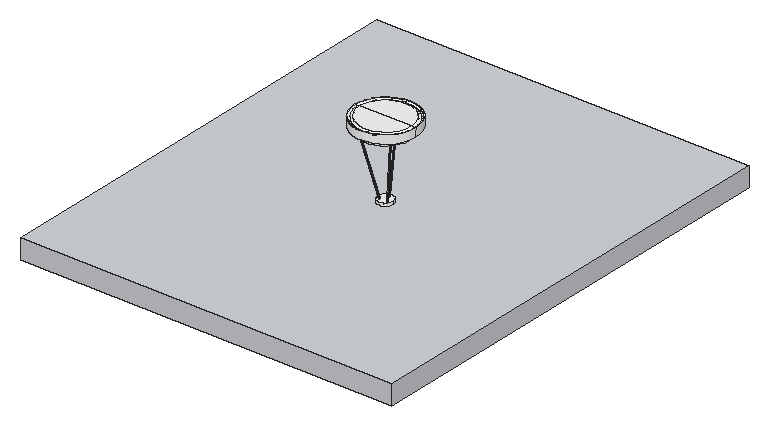
Revit family "Zumtobel ONDARIA 2", category Leuchten, Revit 2016
Family settings
  Basisbauteil = Fläche
  Teiletyp = Normal
  Bemaßung runder Anschluss = Durchmesser verwenden
  OmniClass-Nummer = 23.80.70.11
  OmniClass-Titel = Luminaries for Internal Lighting
  Beim Laden mit Abzugskörper schneiden = Nein
  Lichtquelle = Ja
  Gemeinsam genutzt = Nein
  Raumberechnungspunkt = Nein
Parameters (values of type "ONDARIA 2 D870 LED")
  Width = 400.00 mm
  Wattage = 47.394 W
  built-in parameter 1150110 = 1 (stored number, unit not read)
  Voltage = 230 V
  URL = "http://www.zumtobel.com/42183392"
  Typenkommentare = "© Zumtobel. We reserve the right to make technical changes without prior notice."  # constant formula
  built-in parameter 1114217 = 1 (stored number, unit not read)
  Tilt Angle = 90.00°
  built-in parameter 1150109 = 1 (stored number, unit not read)
  built-in parameter 1150134 = 12
  Suspension Value [instance] = if(Suspension, Suspension Height - 84.50 mm, 0.00 mm)  # 415.50 mm
  Suspension Material [instance] = Zumtobel_Metal_White
  Suspension Height [instance] = 500.00 mm
  Suspension [instance] = yes
  Radius = Width / 2  # 200.00 mm
  Length = Width  # 400.00 mm
  Von Kreisdurchmesser aussenden = Width - 59.70 mm  # 340.30 mm
  Cover [instance] = Zumtobel_PMMA_Self_llumination_Opaque
  built-in parameter 1150113 = 1 (stored number, unit not read)
  Datei für fotometrisches Netz = "D35145AA_ONDA2_D870_LED7000-840.IES"
  Modell = "42183392"
  Hersteller = "Zumtobel Lighting"  # constant formula
  built-in parameter 1150105 = 2306.3 (stored number, unit not read)
  Lumens = 7040 lm
  built-in parameter 1150115 = 1 (stored number, unit not read)
  built-in parameter 1150137 = (empty or 0)
  built-in parameter 1150139 = (empty or 0)
  built-in parameter 1150112 = 1 (stored number, unit not read)
  built-in parameter 1150114 = 1 (stored number, unit not read)
  Lampe = "LED"  # constant formula
  built-in parameter 1150132 = 2
  built-in parameter 1150102 = (empty or 0)
  built-in parameter 1150107 = 4000 (stored number, unit not read)
  built-in parameter 1150138 = (empty or 0)
  built-in parameter 1150106 = 23.063 (stored number, unit not read)
  Height = 84.50 mm  # constant formula
  Emissionsform beim Rendern sichtbar = yes
  built-in parameter 1150104 = 13.8 (stored number, unit not read)
  Farbtemperaturverschiebung bei Dämpfen der Lampe = <Keine Auswahl>
  Beschreibung = "Circular LED luminaire"  # constant formula
  Color Filter = 16777215
  Body [instance] = Zumtobel_Metal_White
  built-in parameter 1114218 = 1 (stored number, unit not read)
  Back Radius = 160.00 mm
  Back Distance Offset B = 90.00 mm
  Back Distance A = 210.00 mm
  Back Distance B = 180.00 mm
  built-in parameter 1150133 = 10 (stored number, unit not read)
  Apparent Load = 65 VA
  Default Elevation = 0.00 mm
  Baugruppenkennzeichen = "D5020200"
Types (4, lengths in mm): name | Width | Wattage | URL | Suspension Value | Suspension Height | Radius | Length | Von Kreisdurchmesser aussenden | Datei für fotometrisches Netz | Modell | built-in parameter 1150105 | Lumens | built-in parameter 1150106 | Back Radius | Back Distance Offset B | Back Distance A | Back Distance B | Apparent Load
  ONDARIA 2 D1150 LED | 1150.00 | 47.394 W | "http://www.zumtobel.com/42183392" | 915.50 | 1000.00 | 575.00 | 1150.00 | 1090.30 | "D35145AA_ONDA2_D870_LED7000-840.IES" | "42183392" | 2306.3 (stored number, unit not read) | 7040 lm | 23.063 (stored number, unit not read) | 260.00 | 115.00 | 398.40 | 345.00 | 65 VA
  ONDARIA 2 D590 LED | 590.00 | 19.7924 W | "http://www.zumtobel.com/42183391" | 415.50 | 500.00 | 295.00 | 590.00 | 530.30 | "D35145AA_ONDA2_D590_LED2900-840.IES" | "42183391" | 963.14 (stored number, unit not read) | 2940 lm | 9.6314 (stored number, unit not read) | 210.00 | 90.00 | 311.80 | 270.00 | 28 VA
  ONDARIA 2 D870 LED | 400.00 | 47.394 W | "http://www.zumtobel.com/42183392" | 415.50 | 500.00 | 200.00 | 400.00 | 340.30 | "D35145AA_ONDA2_D870_LED7000-840.IES" | "42183392" | 2306.3 (stored number, unit not read) | 7040 lm | 23.063 (stored number, unit not read) | 160.00 | 90.00 | 210.00 | 180.00 | 65 VA
  ONDARIA 2 D400 LED | 400.00 | 17.7862 W | "http://www.zumtobel.com/42186627" | 415.50 | 500.00 | 200.00 | 400.00 | 340.30 | "42186627_(STD_LEO).IES" | "42186627" | 210.24 (stored number, unit not read) | 2642 lm | 2.1024 (stored number, unit not read) | 210.00 | 90.00 | 311.80 | 270.00 | 19.5 VA
Reference planes
  plane 1 "Top": z = 0
  plane 2 "Center (Left/Right)": x = 0
  plane 3 "Center (Front/Back)": y = -11.001
  plane 4 "Bottom": z = 500
  plane 5: z = 447
  plane 6 "Back Cover": z = 415.5
  plane 7: x = -200
  plane 8: x = -160
  plane 9 "A Left": x = -105
  plane 10 "A Right": x = 105
  plane 11 "B Back": y = 78.999
  plane 12 "B Front": y = -101.001
Forms (mm)
  Extrusion 1, solid
    sketch origin (0, 0, 0) x (1, 0, 0) y (0, 1, 0)
      loop
        line (-1219.2, 1439.2) -> (-1219.2, -1480.8) -> (1219.2, -1480.8) -> (1219.2, 1439.2) -> (-1219.2, 1439.2)
    from 0 to -127.877
  Revolve 2, solid, material "Zumtobel_Metal_White" <- "Body", detail levels medium+fine
    sketch origin (0, -11.001, 0) x (-1, 0, 0) y (0, 0, 1)
      loop
        line (200, 500) -> (196.5, 500) -> (185.131, 494.25) -> (170.152, 500) -> (0, 500) -> (0, 415.5) -> (160, 415.5) -> (160, 447) -> (200, 447) -> (200, 500)
      axis (0, 500) -> (0, 415.5)
    angle from 0 to 360
  Extrusion 3, solid, material "Zumtobel_Metal_White" <- "Suspension Material", detail levels medium+fine
    sketch origin (0, 0, 0) x (1, 0, 0) y (0, 1, 0)
      loop
        circle (0, -11.001) r 50
    from 0 to 15
  Blend 4, solid, material "Zumtobel_Metal_White" <- "Suspension Material", visible <- "Suspension", detail levels medium+fine
    base sketch origin (0, 0, 0) x (1, 0, 0) y (0, 1, 0)
      loop
        circle (-105, -101.001) r 2.5
    top sketch origin (0, 0, 0) x (1, 0, 0) y (0, 1, 0)
      loop
        circle (-25.989, -26.001) r 2.5
    from 415.5 to 15
  Blend 5, solid, material "Zumtobel_Metal_White" <- "Suspension Material", visible <- "Suspension", detail levels medium+fine
    base sketch origin (0, 0, 0) x (-1, 0, 0) y (0, -1, 0)
      loop
        circle (-105, 101.001) r 2.5
    top sketch origin (0, 0, 0) x (-1, 0, 0) y (0, -1, 0)
      loop
        circle (-25.989, 26.001) r 2.5
    from 415.5 to 15
  Blend 6, solid, material "Zumtobel_Metal_White" <- "Suspension Material", visible <- "Suspension", detail levels medium+fine
    base sketch origin (0, -22.001, 0) x (1, 0, 0) y (0, 1, 0)
      loop
        circle (0, 101.001) r 2.5
    top sketch origin (0, -22.001, 0) x (1, 0, 0) y (0, 1, 0)
      loop
        circle (0, 41.011) r 2.5
    from 415.5 to 15
Lines and regions (mm)
  symbolic lines, style "Zumtobel Lighting", detail levels coarse
    curve 1: circle (0, -11.001, 0) r 200 normal (0, 0, 1)
    curve 2: line (0, -11.001, 0) -> (141.421, 130.421, 0)
    curve 3: line (0, -11.001, 0) -> (-141.421, 130.421, 0)
    curve 4: line (0, -11.001, 0) -> (141.421, -152.422, 0)
    curve 5: line (0, -11.001, 0) -> (-141.421, -152.422, 0)
Dimensions and locks
  plane 4 "Bottom" to plane 5 to plane 6 "Back Cover" = 53.00 mm locked, 31.50 mm locked
  "Suspension Value": plane 6 "Back Cover" to plane 1 "Top"
  "Radius": plane 7 to plane 2 "Center (Left/Right)"
  "Back Radius": plane 8 to plane 2 "Center (Left/Right)"
  equal spacing: plane 9 "A Left", plane 2 "Center (Left/Right)", plane 10 "A Right"
  "Back Distance A": plane 9 "A Left" to plane 10 "A Right"
  "Back Distance B": plane 12 "B Front" to plane 11 "B Back"
  "Back Distance Offset B": plane 3 "Center (Front/Back)" to plane 12 "B Front"
  "Radius": curve 2 to curve 2
  "Radius": curve 3 to curve 3
  "Radius": curve 4 to curve 4
  "Radius": curve 5 to curve 5
  "Radius": radius of curve 1
  locked: curve 3 to plane 3 "Center (Front/Back)" (angle 45.00°)
  locked: curve 2 to curve 3 (angle 90.00°)
  locked: curve 5 to curve 4 (angle 90.00°)
  aligned and locked: plane 1 "Top" to Extrusion 1
  aligned and locked: level to Extrusion 1
  aligned: imposter light to plane 2 "Center (Left/Right)"
  aligned: imposter light to plane 3 "Center (Front/Back)"
  aligned and locked: imposter light to plane 4 "Bottom"
  aligned and locked: plane 4 "Bottom" to Revolve 2 sketch curve
  aligned and locked: plane 2 "Center (Left/Right)" to Revolve 2 sketch curve
  aligned and locked: plane 7 to Revolve 2 sketch curve
  aligned and locked: plane 5 to Revolve 2 sketch curve
  aligned and locked: plane 6 "Back Cover" to Revolve 2 sketch curve
  aligned and locked: Revolve 2 sketch curve to plane 8
  aligned and locked: Blend 4 to plane 6 "Back Cover"
  aligned and locked: Blend 4 to Extrusion 3
  aligned and locked: Blend 5 to plane 6 "Back Cover"
  aligned and locked: Blend 5 to Extrusion 3
  aligned and locked: plane 2 "Center (Left/Right)" to Blend 6 sketch curve
  aligned and locked: plane 11 "B Back" to Blend 6 sketch curve
  aligned and locked: Blend 6 to plane 6 "Back Cover"
  aligned and locked: Blend 6 to Extrusion 3
Automatic sketch dimensions
  Extrusion 1 sketch curve to Extrusion 1 sketch curve = 2438.40 mm
  Extrusion 1 sketch curve to Extrusion 1 sketch curve = 2920.00 mm
  Revolve 2 sketch curve to plane 2 "Center (Left/Right)" = 0.00 mm
  Revolve 2 sketch curve to plane 4 "Bottom" = 0.00 mm
  Revolve 2 sketch curve to Revolve 2 sketch curve = 29.848 mm
  Revolve 2 sketch curve to plane 4 "Bottom" = 5.75 mm
  Revolve 2 sketch curve to plane 7 = 14.869 mm
  Revolve 2 sketch curve to Revolve 2 sketch curve = 3.50 mm
  plane 4 "Bottom" to Revolve 2 sketch curve = 165.00 mm
  Revolve 2 sketch curve to Revolve 2 sketch curve = 90.00 mm
  Extrusion 3 sketch curve to plane 2 "Center (Left/Right)" = 0.00 mm
  Extrusion 3 sketch curve to plane 3 "Center (Front/Back)" = 0.00 mm
  Blend 4 sketch curve to plane 9 "A Left" = 0.00 mm
  plane 12 "B Front" to Blend 4 sketch curve = 0.00 mm
  Blend 4 sketch curve to plane 2 "Center (Left/Right)" = 25.989 mm
  Blend 4 sketch curve to plane 3 "Center (Front/Back)" = 15.00 mm
  Blend 5 sketch curve to plane 10 "A Right" = 0.00 mm
  plane 12 "B Front" to Blend 5 sketch curve = 0.00 mm
  Blend 5 sketch curve to plane 2 "Center (Left/Right)" = 25.989 mm
  plane 3 "Center (Front/Back)" to Blend 5 sketch curve = 15.00 mm
  plane 2 "Center (Left/Right)" to Blend 6 sketch curve = 0.00 mm
  Blend 6 sketch curve to plane 3 "Center (Front/Back)" = 30.011 mm
  curve 1 to plane 2 "Center (Left/Right)" = 0.00 mm
  curve 1 to plane 3 "Center (Front/Back)" = 0.00 mm
  curve 3 to plane 2 "Center (Left/Right)" = 0.00 mm
  curve 5 to plane 3 "Center (Front/Back)" = 0.00 mm
  radius of Extrusion 3 sketch curve = 50.00 mm
  radius of Blend 4 sketch curve = 2.50 mm  (x2)
  radius of Blend 5 sketch curve = 2.50 mm  (x2)
  radius of Blend 6 sketch curve = 2.50 mm  (x2)
Connectors
  electrical at (0, -11.001, 0), driven by "Apparent Load", driven by "Voltage"
    settings: index 1, voltage 230 V, apparent load 0 VA, apparent load phase1 65 VA, apparent load phase2 0 VA, apparent load phase3 0 VA, power factor 1, load classification "Lighting", number of poles 1, system type 31, power factor state 1, is connector primary yes, connector utility no, sub classification motor no, connector description ""
